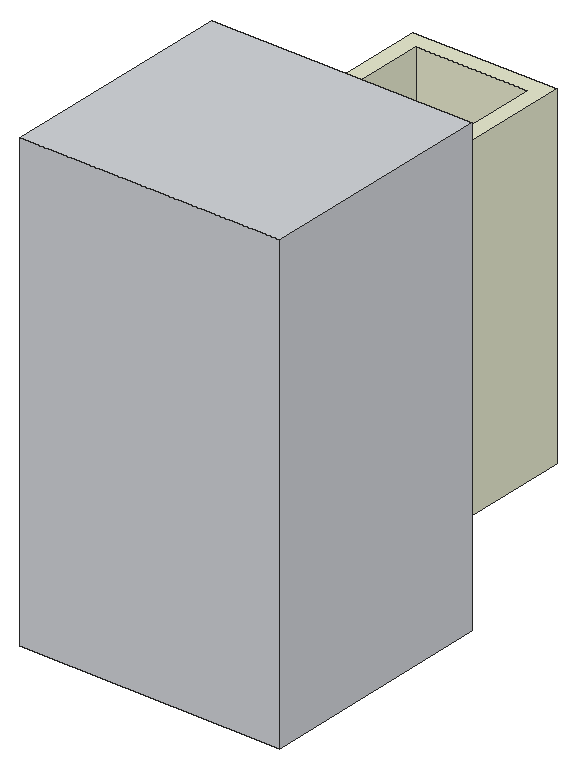
Revit family "Parma 210 LED 2700K", category Lighting Fixtures, host Face, Revit 2018
Family settings
  Host = Face
  Round Connector Dimension = Use Diameter
  Part Type = Normal
  OmniClass Number = 23.80.70.00
  OmniClass Title = Lighting
  Cut with Voids When Loaded = No
  Light Source = Yes
  Shared = No
  Room Calculation Point = No
Parameters (values of type "8052 Parma 210 LED")
  Width = 90.0 mm
  Weight = "1.72 kg"
  Wattage Comments = "2x3w"
  Wattage = 8 W
  built-in parameter 1150110 = 1 (stored number, unit not read)
  Voltage = 230 V
  URL = "http://www.astrolighting.co.uk"
  Type Comments = "-Includes integral 1-10v LED dimmable driver"
  built-in parameter 1114217 = 1 (stored number, unit not read)
  Tilt Angle = 90.00°
  built-in parameter 1150109 = 1 (stored number, unit not read)
  built-in parameter 1150134 = (empty or 0)
  built-in parameter 1150113 = 1 (stored number, unit not read)
  Suitable for bathroom zone = "Zone 3"
  Wall Bracket Material = Astro - Steel - Chrome Finish
  Product Documentation = "http://www.astrolighting.co.uk/products/kw/Parma-210-LED/7273_Parma-210-LED"
  Photometric Web File = "GNC-19599  8052 - Parma 210 LED 2700K Phase Dimmable ies.ies"
  Number of Poles = 1
  Mountable on normally flammable surfaces = "Yes"
  Model = "7273 Parma 210 LED"
  Manufacturer = "Astro Lighting Ltd, CM20 2DP"
  Lumens = 552 lm
  Luminaire Lamp Efficiency Rating = ""
  built-in parameter 1150115 = 1 (stored number, unit not read)
  built-in parameter 1150105 = 43.927 (stored number, unit not read)
  Light Source From Wall = 77.5 mm
  Light Source Elevation = 1600.0 mm
  built-in parameter 1150137 = (empty or 0)
  built-in parameter 1150139 = (empty or 0)
  Length = 110.0 mm
  built-in parameter 1150112 = 1 (stored number, unit not read)
  built-in parameter 1150114 = 1 (stored number, unit not read)
  Lamp included = "Yes"
  Lamp = "LED"
  built-in parameter 1150132 = (empty or 0)
  built-in parameter 1150102 = (empty or 0)
  built-in parameter 1150138 = (empty or 0)
  built-in parameter 1150107 = 2700 (stored number, unit not read)
  built-in parameter 1150106 = 0.43927 (stored number, unit not read)
  IP Rating = "IP20"
  Height = 210.0 mm
  Heatsink Material = Astro - Aluminium - Anodised
  Energy Efficiency Rating = ""
  built-in parameter 1150104 = 6.4103 (stored number, unit not read)
  Dimming Lamp Color Temperature Shift = <None>
  Dimmable = "Phase & 1-10V dimming"
  Description = "Wall Light"
  Default Elevation [instance] = 1700.0 mm
  Color Filter = 16777215
  Class = 1
  Casing Material = Astro - Plaster - Natural
  built-in parameter 1114218 = 1 (stored number, unit not read)
  built-in parameter 1150133 = 10 (stored number, unit not read)
  Manufacturer Contact = "01279 427001"
  Apparent Load = 8.2 VA
Reference planes
  plane 1: y = -75
  plane 2 "Light Source Axis (L/R)": x = 125
  plane 3 "Light Source Axis (F/R)": y = 77.5
  plane 4 "Light Source Elevation": z = 1600
  plane 5: y = -150
  plane 6 "Center (Elevation)": z = 1600
  plane 7: z = 0
  plane 8 "Top": z = 1705
  plane 9 "Bottom": z = 1495
  plane 10 "Left": x = 170
  plane 11 "Right": x = 80
  plane 12 "Front": y = 110
  plane 13: y = 0
  plane 14: x = 90
  plane 15: x = 160
  plane 16: y = 100
Forms (mm)
  Extrusion 1, solid
    sketch origin (140, -150, 1500) x (0, 0, 1) y (1, 0, 0)
      loop
        line (-38.334, -97.887) -> (246.844, -97.887) -> (246.844, 65) -> (-38.334, 65) -> (-38.334, -97.887)
    from 0 to 150
  Extrusion 2, solid, material "Astro - Plaster - Natural" <- "Casing Material"
    sketch origin (1573.638, 225, 1600) x (1, 0, 0) y (0, 1, 0)
      loop
        line (-1493.638, -115) -> (-1493.638, -225) -> (-1483.638, -225) -> (-1483.638, -125) -> (-1413.638, -125) -> (-1413.638, -225) -> (-1403.638, -225) -> (-1403.638, -115) -> (-1493.638, -115)
    from -105 to 105
  Extrusion 3, solid, material "Astro - Steel - Chrome Finish" <- "Wall Bracket Material"
    sketch origin (1573.638, 225, 1600) x (1, 0, 0) y (0, 1, 0)
      loop
        line (-1483.638, -185) -> (-1483.638, -225) -> (-1413.638, -225) -> (-1413.638, -185) -> (-1483.638, -185)
    from -60 to 60
  Extrusion 4, solid, material "Astro - Aluminium - Anodised" <- "Heatsink Material"
    sketch origin (125, 0, 0) x (0, 1, 0) y (0, 0, 1)
      loop
        line (40, 1660) -> (40, 1540) -> (51, 1540) -> (62, 1547) -> (62, 1558)
        arc (62, 1558) -> (62.586, 1559.414) -> (64, 1560) r 2
        line (64, 1560) -> (98, 1560)
        arc (98, 1560) -> (99.414, 1560.586) -> (100, 1562) r 2
        line (100, 1562) -> (100, 1638)
        arc (100, 1638) -> (99.414, 1639.414) -> (98, 1640) r 2
        line (98, 1640) -> (64, 1640)
        arc (64, 1640) -> (62.586, 1640.586) -> (62, 1642) r 2
        line (62, 1642) -> (62, 1653) -> (51, 1660) -> (40, 1660)
    from -35 to 35
  Extrusion 5, solid, material "Astro - Glass - Clear"
    sketch origin (125, 0, 0) x (0, 1, 0) y (0, 0, 1)
      loop
        line (98.954, 1652) -> (67.5, 1652) -> (67.5, 1650) -> (98.954, 1650) -> (98.954, 1652)
      loop
        line (99, 1550) -> (67.5, 1550) -> (67.5, 1548) -> (99, 1548) -> (99, 1550)
    from -34 to 34
  Extrusion 6, void
    sketch origin (1573.638, 225, 1600) x (0, 1, 0) y (1, 0, 0)
      loop
        line (-140.5, -1458.638) -> (-140.5, -1438.638) -> (-154.5, -1438.638) -> (-154.5, -1458.638) -> (-140.5, -1458.638)
    from -40 to 40
  Extrusion 7, solid, material "Astro - Plaster - Natural" <- "Casing Material"
    sketch origin (0, 77.5, 0) x (1, 0, 0) y (0, 0, 1)
      loop
        line (160, 1668) -> (90, 1668) -> (90, 1660) -> (160, 1660) -> (160, 1668)
      loop
        line (90, 1540) -> (90, 1532) -> (160, 1532) -> (160, 1540) -> (90, 1540)
    from 37.5 to 77.5
Cuts and joins
  Extrusion 6 cuts Extrusion 4
  Extrusion 6 cuts Extrusion 5
Text (mm)
  text "Placement side" at (-1787.139, 1116.779, 0), in view "Ref. Level"
  text "Placement side" at (0, 2110.396, 2986.058), in view "Left"
  text "Placement side" at (0, 628.478, 3011.967), in view "Right"
Dimensions and locks
  equal spacing: plane 9 "Bottom", plane 6 "Center (Elevation)", plane 8 "Top"
  "Height": plane 9 "Bottom" to plane 8 "Top"
  equal spacing: plane 11 "Right", plane 2 "Light Source Axis (L/R)", plane 10 "Left"
  "Width": plane 11 "Right" to plane 10 "Left"
  locked: plane 1 to plane 13 at 75
  "Length": plane 12 "Front" to plane 13
  "Light Source From Wall": plane 3 "Light Source Axis (F/R)" to plane 13
  "Light Source Elevation": plane 7 to plane 4 "Light Source Elevation"
  locked: Extrusion 3 sketch curve to plane 10 "Left" at 10
  locked: plane 11 "Right" to Extrusion 3 sketch curve at 10
  locked: plane 8 "Top" to Extrusion 4 sketch curve at 65
  locked: plane 9 "Bottom" to Extrusion 4 sketch curve at 65
  locked: Extrusion 5 sketch curve to plane 8 "Top" at 53
  locked: Extrusion 5 sketch curve to plane 9 "Bottom" at 53
  locked: plane 9 "Bottom" to Extrusion 5 sketch curve at 55
  locked: plane 8 "Top" to Extrusion 5 sketch curve at 55
  Extrusion 6 sketch curve to plane 2 "Light Source Axis (L/R)" to Extrusion 6 sketch curve = 10.0 mm locked, 10.0 mm locked
  Extrusion 6 sketch curve to plane 3 "Light Source Axis (F/R)" to Extrusion 6 sketch curve = 7.0 mm, 7.0 mm
  locked: plane 11 "Right" to plane 14 at 10
  locked: plane 15 to plane 10 "Left" at 10
  locked: plane 12 "Front" to plane 16 at 10
  locked: plane 13 to Extrusion 3 sketch curve at 40
  locked: Extrusion 4 sketch curve to plane 13 at 62  (x2)
  locked: Extrusion 4 sketch curve to plane 13 at 40
  locked: plane 8 "Top" to Extrusion 4 sketch curve at 45
  locked: plane 9 "Bottom" to Extrusion 4 sketch curve at 45
  locked: plane 8 "Top" to Extrusion 4 sketch curve at 52
  locked: Extrusion 4 sketch curve to plane 9 "Bottom" at 52
  locked: Extrusion 4 sketch curve to plane 13 at 51  (x2)
  locked: Extrusion 3 to plane 8 "Top" at 45
  locked: plane 9 "Bottom" to Extrusion 3 at 45
  locked: Extrusion 5 sketch curve to plane 13 at 67.5  (x2)
  locked: plane 14 to cut or joined group of Extrusion 5, Extrusion 6 at 1
  locked: cut or joined group of Extrusion 5, Extrusion 6 to plane 15 at 1
  locked: plane 16 to cut or joined group of Extrusion 5, Extrusion 6 at 1.046
  locked: plane 16 to cut or joined group of Extrusion 5, Extrusion 6 at 1
  locked: Extrusion 7 sketch curve to plane 8 "Top" at 37
  locked: Extrusion 7 sketch curve to plane 8 "Top" at 45
  locked: plane 9 "Bottom" to Extrusion 7 sketch curve at 45
  locked: plane 9 "Bottom" to Extrusion 7 sketch curve at 37
  aligned and locked: plane 4 "Light Source Elevation" to imposter light
  aligned and locked: Extrusion 2 sketch curve to plane 12 "Front"
  aligned and locked: Extrusion 2 sketch curve to plane 11 "Right"
  aligned and locked: plane 13 to Extrusion 2 sketch curve
  aligned and locked: plane 10 "Left" to Extrusion 2 sketch curve
  aligned and locked: Extrusion 2 to plane 9 "Bottom"
  aligned and locked: plane 8 "Top" to Extrusion 2
  aligned and locked: Extrusion 2 sketch curve to plane 16
  aligned and locked: plane 14 to Extrusion 2 sketch curve
  aligned and locked: Extrusion 2 sketch curve to plane 15
  aligned and locked: cut or joined group of Extrusion 4, Extrusion 6 to plane 14
  aligned and locked: plane 15 to cut or joined group of Extrusion 4, Extrusion 6
  aligned and locked: Extrusion 7 sketch curve to plane 15
  aligned and locked: plane 15 to Extrusion 7 sketch curve
  aligned and locked: plane 14 to Extrusion 7 sketch curve
  aligned and locked: Extrusion 7 sketch curve to plane 14
  aligned and locked: Extrusion 7 to Extrusion 3
  aligned and locked: Extrusion 7 to plane 13
  aligned and locked: imposter light to plane 2 "Light Source Axis (L/R)"
Automatic sketch dimensions
  Extrusion 1 sketch curve to Extrusion 1 sketch curve = 285.178 mm
  Extrusion 1 sketch curve to Extrusion 1 sketch curve = 162.887 mm
  Extrusion 2 sketch curve to plane 13 = 0.0 mm
  Extrusion 4 sketch curve to plane 16 = 0.0 mm
  Extrusion 4 sketch curve to Extrusion 4 sketch curve = 2.0 mm  (x2)
  Extrusion 4 sketch curve to plane 16 = 2.0 mm  (x2)
  Extrusion 5 sketch curve to plane 16 = 1.046 mm
  Extrusion 5 sketch curve to plane 16 = 1.0 mm
  Extrusion 3 sketch curve to plane 13 = 0.0 mm
Connectors
  electrical at (125, 0, 1600), driven by "Number of Poles", driven by "Voltage", driven by "Apparent Load"
    settings: on Extrusion 3, index 1, voltage 230 V, apparent load 0 VA, apparent load phase1 8.2 VA, apparent load phase2 0 VA, apparent load phase3 0 VA, power factor 1, load classification "Other", number of poles 1, system type 31, power factor state 1, is connector primary yes, connector utility no, sub classification motor no, connector description ""
